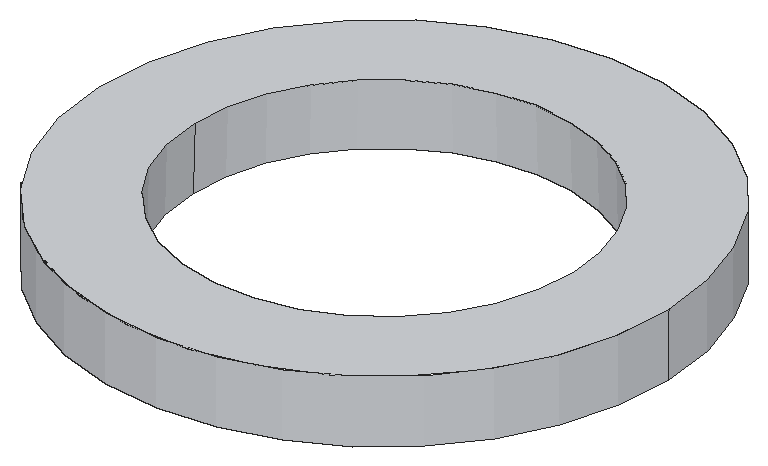
Revit family "110301-00001 Кольцо опорное КО-1", category Обобщенные модели, Revit 2019
Family settings
  Может служить основой для арматурных стержней = Нет
  Размер круглого соединителя = Использовать диаметр
  Тип детали = Нормальный
  На основе рабочей плоскости = Нет
  Всегда вертикально = Да
  При загрузке вырезать с полостями = Нет
  Общий = Нет
  Точка расчета площади = Нет
Parameters (values of type "Кольцо опорное КО-1")
  Ширина [instance] = 100 mm
  ADSK_Ширина2 [instance] = 600 mm
  ADSK_Ширина [instance] = 900 mm
  ADSK_Ссылка на сайт = "https://www.ssd.ru/koltso-opornoe-ko-1"
  ADSK_Сертификат соответствия = "https://www.ssd.ru/upload/iblock/83a/sert_b20_0221.pdf"
  ADSK_Наименование = "Кольцо опорное КО-1"
  ADSK_Масса = "82,5"
  ADSK_Марка = "Кольца, сегменты"
  ADSK_Код изделия = "110301-00001"
  ADSK_Класс бетона = "В20"
  ADSK_Изготовитель = "АО \"СВЯЗЬСТРОЙДЕТАЛЬ\""
  ADSAK_Длина [instance] = 900 mm
Reference planes
  plane 1 "По центру (Вперед/Назад)": y = 0
  plane 2: z = 0
  plane 3 "По центру (Влево/Вправо)": x = 0
  plane 4: x = -450
  plane 5: x = 450
  plane 6: y = -450
  plane 7: y = 450
  plane 8: z = 100
  plane 9: z = 0
  plane 10: y = 300
  plane 11: y = -300
Forms (mm)
  Extrusion 1, solid
    sketch origin (0, 0, 0) x (1, 0, 0) y (0, 1, 0)
      loop
        circle (0, 0) r 450
    from 0 to 100
  Blend 2, void
    base sketch origin (0, 0, 0) x (1, 0, 0) y (0, 1, 0)
      loop
        circle (0, 0) r 303
    top sketch origin (0, 0, 0) x (1, 0, 0) y (0, 1, 0)
      loop
        circle (0, 0) r 300
    from 0 to 100
Cuts and joins
  Blend 2 cuts Extrusion 1
Dimensions and locks
  "ADSAK_Длина": plane 4 to plane 5
  equal spacing: plane 4, plane 3 "По центру (Влево/Вправо)", plane 5
  "ADSK_Ширина": plane 7 to plane 6
  equal spacing: plane 7, plane 1 "По центру (Вперед/Назад)", plane 6
  "Ширина": level to plane 8
  "ADSK_Ширина2": plane 10 to plane 11
  equal spacing: plane 10, plane 1 "По центру (Вперед/Назад)", plane 11
  aligned and locked: level to plane 2
  aligned and locked: plane 8 to Extrusion 1
  aligned and locked: Extrusion 1 to level
  aligned and locked: Extrusion 1 to plane 2
  aligned and locked: Extrusion 1 to Blend 2
  aligned and locked: Blend 2 to level
  aligned and locked: plane 8 to Blend 2
Automatic sketch dimensions
  plane 1 "По центру (Вперед/Назад)" to Extrusion 1 sketch curve = 0 mm
  Extrusion 1 sketch curve to plane 3 "По центру (Влево/Вправо)" = 0 mm
  plane 1 "По центру (Вперед/Назад)" to Blend 2 sketch curve = 0 mm  (x2)
  Blend 2 sketch curve to plane 3 "По центру (Влево/Вправо)" = 0 mm  (x2)
  radius of Extrusion 1 sketch curve = 450 mm
  radius of Blend 2 sketch curve = 303 mm
  radius of Blend 2 sketch curve = 300 mm
